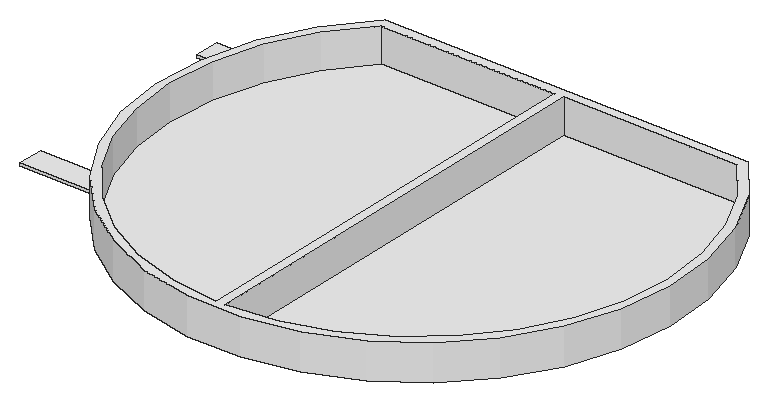
Revit family "Gate-Precision_Ladders-Security_Gate_For_Cage", category Specialty Equipment, host Face, Revit 2014 (continued)
Automatic sketch dimensions
  radius of curve 520 = 0' - 0 1/4"
  radius of curve 521 = 0' - 0 1/4"
  radius of curve 522 = 0' - 0 1/4"
  radius of curve 523 = 0' - 0 1/4"
  radius of curve 524 = 0' - 0 1/4"
  radius of curve 525 = 0' - 0 1/4"
  radius of curve 526 = 0' - 0 1/4"
  radius of curve 527 = 0' - 0 1/4"
  radius of curve 528 = 0' - 0 1/4"
  radius of curve 529 = 0' - 0 1/4"
  radius of curve 530 = 0' - 0 1/4"
  radius of curve 531 = 0' - 0 1/4"
  radius of curve 532 = 0' - 0 1/4"
  radius of curve 533 = 0' - 0 1/4"
  radius of curve 534 = 0' - 0 1/4"
  radius of curve 535 = 0' - 0 1/4"
  radius of curve 536 = 0' - 0 1/4"
  radius of curve 537 = 0' - 0 1/4"
  radius of curve 538 = 0' - 0 1/4"
  radius of curve 539 = 0' - 0 1/4"
  radius of curve 540 = 0' - 0 1/4"
  radius of curve 541 = 0' - 0 1/4"
  radius of curve 542 = 0' - 0 1/4"
  radius of curve 543 = 0' - 0 1/4"
  radius of curve 544 = 0' - 0 1/4"
  radius of curve 545 = 0' - 0 1/4"
  radius of curve 546 = 0' - 0 1/4"
  radius of curve 547 = 0' - 0 1/4"
  radius of curve 548 = 0' - 0 1/4"
